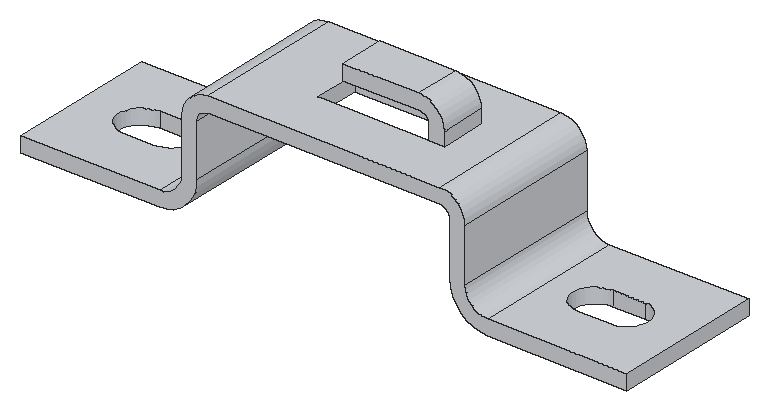
Revit family "Distanzbügel_FT_FS_50", category Generic Models, Revit 2017
Family settings
  Can host rebar = No
  Round Connector Dimension = Use Diameter
  Part Type = Normal
  Work Plane-Based = No
  Always vertical = Yes
  Cut with Voids When Loaded = No
  Shared = No
  Room Calculation Point = No
Parameters (values of type "DBLG 20 050 FT")
  Width 1 = Width / 2  # 25 mm
  Width = 50 mm
  URL = "http://www.obo-bettermann.com"
  Material = Hot-dip galvanised
  Manufacturer Art.No. = "6015648"
  Manufacturer = "OBO BETTERMANN"
  Length = 30 mm
  GTIN = "4012196042845"
  Article Type = "DBLG 20 050 FT"
Types (3, lengths in mm): name | Material | Manufacturer Art.No. | GTIN | Article Type
  (no name) | Hot-dip galvanised | "6015648" | "4012196042845" | "DBLG 20 050 FT"
  DBLG 20 050 FS | Strip-galvanised | "6015646" | "4012196961528" | "DBLG 20 050 FS"
  DBLG 20 050 FT | Hot-dip galvanised | "6015648" | "4012196042845" | "DBLG 20 050 FT"
Reference planes
  plane 1 "Center (Front/Back)": y = 0
  plane 2: z = 0
  plane 3 "Center (Left/Right)": x = 0
Forms (mm)
  Extrusion 1, solid
    sketch origin (0, 0, 0) x (1, 0, 0) y (0, 0, 1)
      loop
        line (-23, 20) -> (23, 20)
        arc (23, 20) -> (24.414, 19.414) -> (25, 18) r 2
        line (25, 18) -> (25, 7.5)
        arc (25, 7.5) -> (27.197, 2.197) -> (32.5, 0) r 7.5
        line (32.5, 0) -> (60, 0) -> (60, 3) -> (32.5, 3)
        arc (32.5, 3) -> (29.318, 4.318) -> (28, 7.5) r 4.5
        line (28, 7.5) -> (28, 18)
        arc (28, 18) -> (26.536, 21.536) -> (23, 23) r 5
        line (23, 23) -> (-23, 23)
        arc (-23, 23) -> (-26.536, 21.536) -> (-28, 18) r 5
        line (-28, 18) -> (-28, 7.5)
        arc (-28, 7.5) -> (-29.318, 4.318) -> (-32.5, 3) r 4.5
        line (-32.5, 3) -> (-60, 3) -> (-60, 0) -> (-32.5, 0)
        arc (-32.5, 0) -> (-27.197, 2.197) -> (-25, 7.5) r 7.5
        line (-25, 7.5) -> (-25, 18)
        arc (-25, 18) -> (-24.414, 19.414) -> (-23, 20) r 2
    from -30 to 0
  Extrusion 2, void
    sketch origin (0, 0, 0) x (1, 0, 0) y (0, 1, 0)
      loop
        arc (-48, 19.5) -> (-52.5, 15) -> (-48, 10.5) r 4.5
        line (-48, 10.5) -> (-42, 10.5)
        arc (-42, 10.5) -> (-37.5, 15) -> (-42, 19.5) r 4.5
        line (-42, 19.5) -> (-48, 19.5)
    from 0 to 3
  Extrusion 3, void
    sketch origin (0, 0, 0) x (1, 0, 0) y (0, 1, 0)
      loop
        arc (41.866, 19.232) -> (37.5, 14.866) -> (41.866, 10.5) r 4.366
        line (41.866, 10.5) -> (48.134, 10.5)
        arc (48.134, 10.5) -> (52.5, 14.866) -> (48.134, 19.232) r 4.366
        line (48.134, 19.232) -> (41.866, 19.232)
    from 0 to 3
  Extrusion 4, void
    sketch origin (0, 0, 0) x (1, 0, 0) y (0, 1, 0)
      loop
        line (-9.5, 19.5) -> (-9.5, 10.5) -> (12.5, 10.5) -> (12.5, 19.5) -> (-9.5, 19.5)
    from 20 to 23
  Extrusion 5, solid
    sketch origin (0, 0, 0) x (1, 0, 0) y (0, 0, 1)
      loop
        arc (10.5, 27.667) -> (11.914, 27.081) -> (12.5, 25.667) r 2
        line (12.5, 25.667) -> (12.5, 23) -> (15.5, 23) -> (15.5, 25.667)
        arc (15.5, 25.667) -> (14.036, 29.203) -> (10.5, 30.667) r 5
        line (10.5, 30.667) -> (-4.513, 30.667) -> (-4.513, 27.667) -> (10.5, 27.667)
    from -19.5 to -10.5
Cuts and joins
  Extrusion 2, Extrusion 3, Extrusion 4 cuts Extrusion 1
Dimensions and locks
  locked: Extrusion 1 sketch curve to level at 20
  locked: Extrusion 1 sketch curve to Extrusion 1 sketch curve at 3  (x5)
  Extrusion 1 sketch curve to Extrusion 1 sketch curve = 32 mm
  "Length": Extrusion 1 to Extrusion 1
  "Width": Extrusion 1 sketch curve to Extrusion 1 sketch curve
  "Width 1": plane 3 "Center (Left/Right)" to Extrusion 1 sketch curve
  locked: Extrusion 1 sketch curve to Extrusion 1 sketch curve at 27.5  (x2)
  locked: Extrusion 1 to Extrusion 1 at 35  (x2)
  locked: Extrusion 1 to Extrusion 2 sketch curve at 10.5
  locked: Extrusion 2 sketch curve to Extrusion 2 sketch curve at 9
  locked: Extrusion 1 to Extrusion 2 sketch curve at 7.5
  Extrusion 1 to Extrusion 2 sketch curve = 22.5 mm
  locked: cut or joined group of Extrusion 1, Extrusion 2, Extrusion 3, Extrusion 4 to Extrusion 3 sketch curve at 10.5
  locked: Extrusion 3 sketch curve to Extrusion 3 sketch curve at 8.732
  locked: Extrusion 3 sketch curve to cut or joined group of Extrusion 1, Extrusion 2, Extrusion 3, Extrusion 4 at 7.5
  locked: Extrusion 3 sketch curve to cut or joined group of Extrusion 1, Extrusion 2, Extrusion 3, Extrusion 4 at 22.5
  locked: cut or joined group of Extrusion 1, Extrusion 2, Extrusion 3, Extrusion 4 to Extrusion 4 sketch curve at 72.5
  locked: Extrusion 4 sketch curve to Extrusion 4 sketch curve at 22
  locked: Extrusion 4 sketch curve to Extrusion 4 sketch curve at 9
  locked: cut or joined group of Extrusion 1, Extrusion 2, Extrusion 3, Extrusion 4 to Extrusion 4 sketch curve at 10.5
  locked: Extrusion 5 sketch curve to Extrusion 5 sketch curve at 3  (x2)
  locked: Extrusion 5 sketch curve to Extrusion 5 sketch curve at 20.013
  locked: Extrusion 5 sketch curve to cut or joined group of Extrusion 1, Extrusion 2, Extrusion 3, Extrusion 4 at 7.667
  Extrusion 5 sketch curve to cut or joined group of Extrusion 1, Extrusion 2, Extrusion 3, Extrusion 4 = 4.667 mm
  aligned and locked: level to plane 2
  aligned and locked: Extrusion 1 sketch curve to level  (x2)
  aligned and locked: plane 1 "Center (Front/Back)" to Extrusion 1
  aligned and locked: Extrusion 2 to level
  aligned and locked: Extrusion 1 to Extrusion 2
  aligned and locked: Extrusion 3 to level
  aligned and locked: Extrusion 1 to Extrusion 3
  aligned and locked: Extrusion 1 to Extrusion 4  (x2)
  aligned and locked: Extrusion 5 sketch curve to cut or joined group of Extrusion 1, Extrusion 2, Extrusion 3, Extrusion 4
  aligned and locked: Extrusion 5 to cut or joined group of Extrusion 1, Extrusion 2, Extrusion 3, Extrusion 4  (x3)
  aligned and locked: cut or joined group of Extrusion 1, Extrusion 2, Extrusion 3, Extrusion 4 to Extrusion 5
Automatic sketch dimensions
  Extrusion 1 sketch curve to Extrusion 1 sketch curve = 0 mm  (x4)
  Extrusion 1 sketch curve to Extrusion 1 sketch curve = 4.5 mm  (x2)
  Extrusion 1 sketch curve to Extrusion 1 sketch curve = 2 mm  (x2)
  Extrusion 2 sketch curve to Extrusion 2 sketch curve = 6 mm
  Extrusion 5 sketch curve to Extrusion 5 sketch curve = 0 mm
  Extrusion 5 sketch curve to plane 3 "Center (Left/Right)" = 4.513 mm
  Extrusion 5 sketch curve to Extrusion 5 sketch curve = 2 mm
